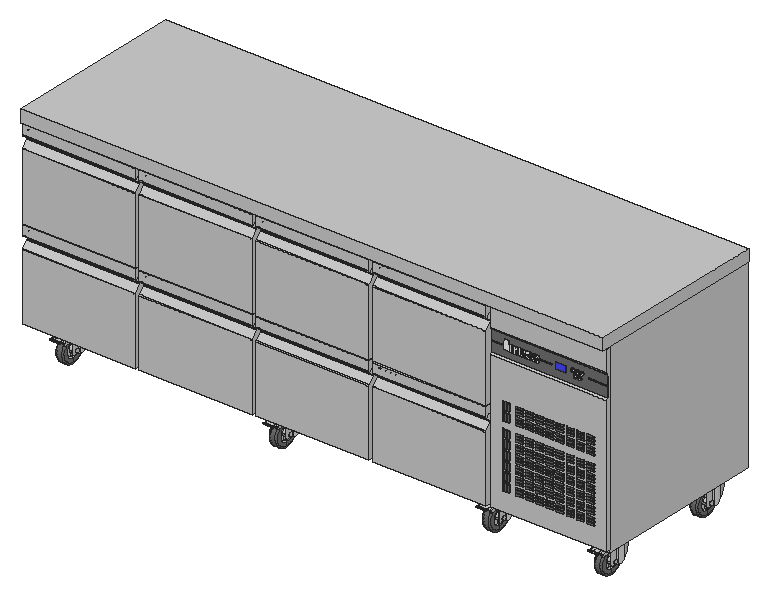
Revit family "QF_INOMAK_PNRP9999_250513010757", category Specialty Equipment, Revit 2021 (continued)
Definition of nested family "QF_INOMAK_REF_COUNTERS_DOORS_DRAWERS_16448"
  Definition of nested family "4_Drawers_1-4"
    Reference planes
      plane 23: z = 601.833
      plane 24: z = 598.167
    Forms (mm)
      Extrusion 1, solid, material <- "Finish", visible <- "4 Drawers"
        sketch origin (35, 0, -1) x (0, -1, 0) y (0, 0, 1)
          loop
            line (680, 1047) -> (670, 1047) -> (670, 827.083) -> (690, 827.083) -> (690, 990.844)
            arc (690, 990.844) -> (689.115, 996.728) -> (686.539, 1002.09) r 20
            line (686.539, 1002.09) -> (673, 1022) -> (673, 1044) -> (680, 1044)
            arc (680, 1044) -> (684.95, 1041.95) -> (687, 1037) r 7
            line (687, 1037) -> (687, 1031.988) -> (690, 1031.988) -> (690, 1037)
            arc (690, 1037) -> (687.071, 1044.071) -> (680, 1047) r 10
        from 0 to -1130
      Extrusion 2, solid, visible <- "4 Drawers", detail levels coarse
        sketch origin (0, -640.463, 826.083) x (0, 1, 0) y (-1, 0, 0)
          loop
            line (-49.537, -35) -> (-624.537, -35) -> (-624.537, -1165) -> (-49.537, -1165) -> (-49.537, -35)
        from 0 to 219.917
      Extrusion 3, solid, visible <- "4 Drawers", detail levels coarse
        sketch origin (0, -700, 154) x (-1, 0, 0) y (0, 1, 0)
          loop
            line (-35, 10) -> (-1165, 10) -> (-1165, -565) -> (-35, -565) -> (-35, 10)
        from 0 to -219.583
      Extrusion 4, solid, material <- "Finish", visible <- "4 Drawers"
        sketch origin (35, 0, -440.333) x (0, -1, 0) y (0, 0, 1)
          loop
            line (680, 813.917) -> (670, 813.917) -> (670, 594.333) -> (690, 594.333) -> (690, 757.761)
            arc (690, 757.761) -> (689.115, 763.644) -> (686.539, 769.007) r 20
            line (686.539, 769.007) -> (673, 788.917) -> (673, 810.917) -> (680, 810.917)
            arc (680, 810.917) -> (684.95, 808.866) -> (687, 803.917) r 7
            line (687, 803.917) -> (687, 798.904) -> (690, 798.904) -> (690, 803.917)
            arc (690, 803.917) -> (687.071, 810.988) -> (680, 813.917) r 10
        from 0 to -1130
      Extrusion 5, solid, material <- "Finish", visible <- "4 Drawers"
        sketch origin (35, 0, -165.333) x (0, -1, 0) y (0, 0, 1)
          loop
            line (680, 987.75) -> (670, 987.75) -> (670, 767.167) -> (690, 767.167) -> (690, 931.594)
            arc (690, 931.594) -> (689.115, 937.478) -> (686.539, 942.84) r 20
            line (686.539, 942.84) -> (673, 962.75) -> (673, 984.75) -> (680, 984.75)
            arc (680, 984.75) -> (684.95, 982.7) -> (687, 977.75) r 7
            line (687, 977.75) -> (687, 972.738) -> (690, 972.738) -> (690, 977.75)
            arc (690, 977.75) -> (687.071, 984.821) -> (680, 987.75) r 10
        from 0 to -1130
      Extrusion 6, solid, material <- "Finish", visible <- "4 Drawers"
        sketch origin (35, 0, -330.333) x (0, -1, 0) y (0, 0, 1)
          loop
            line (680, 928.5) -> (670, 928.5) -> (670, 708.25) -> (690, 708.25) -> (690, 872.344)
            arc (690, 872.344) -> (689.115, 878.228) -> (686.539, 883.59) r 20
            line (686.539, 883.59) -> (673, 903.5) -> (673, 925.5) -> (680, 925.5)
            arc (680, 925.5) -> (684.95, 923.45) -> (687, 918.5) r 7
            line (687, 918.5) -> (687, 913.488) -> (690, 913.488) -> (690, 918.5)
            arc (690, 918.5) -> (687.071, 925.571) -> (680, 928.5) r 10
        from 0 to -1130
      Extrusion 7, solid, visible <- "4 Drawers", detail levels coarse
        sketch origin (0, -500.463, 601.833) x (0, 1, 0) y (-1, 0, 0)
          loop
            line (-189.537, -35) -> (-764.537, -35) -> (-764.537, -1165) -> (-189.537, -1165) -> (-189.537, -35)
        from 0 to 220.583
      Extrusion 8, solid, visible <- "4 Drawers", detail levels coarse
        sketch origin (0, -540.463, 377.917) x (0, 1, 0) y (-1, 0, 0)
          loop
            line (-149.537, -35) -> (-724.537, -35) -> (-724.537, -1165) -> (-149.537, -1165) -> (-149.537, -35)
        from 0 to 220.25
    Lines and regions (mm)
      symbolic lines, visible <- "4 Drawers"
        curve 1: line (35, -945, 900) -> (35, -985, 900)
        curve 2: line (35, -985, 900) -> (1165, -985, 900)
        curve 3: line (1165, -985, 900) -> (1165, -945, 900)
        curve 4: line (1165, -945, 900) -> (35, -945, 900)
        curve 5: line (1135, -945, 900) -> (1135, -845, 900)
        curve 6: line (65, -945, 900) -> (65, -845, 900)
        curve 7: line (35, -1085, 900) -> (35, -1125, 900)
        curve 8: line (35, -1125, 900) -> (1165, -1125, 900)
        curve 9: line (1165, -1125, 900) -> (1165, -1085, 900)
        curve 10: line (1165, -1085, 900) -> (35, -1085, 900)
        curve 11: line (1135, -1085, 900) -> (1135, -985, 900)
        curve 12: line (65, -1085, 900) -> (65, -985, 900)
        curve 13: line (35, -1225, 900) -> (35, -1265, 900)
        curve 14: line (35, -1265, 900) -> (1165, -1265, 900)
        curve 15: line (1165, -1265, 900) -> (1165, -1225, 900)
        curve 16: line (1165, -1225, 900) -> (35, -1225, 900)
        curve 17: line (1135, -1225, 900) -> (1135, -1125, 900)
        curve 18: line (65, -1225, 900) -> (65, -1125, 900)
        curve 19: line (35, -805, 900) -> (35, -845, 900)
        curve 20: line (35, -845, 900) -> (1165, -845, 900)
        curve 21: line (1165, -845, 900) -> (1165, -805, 900)
        curve 22: line (1165, -805, 900) -> (35, -805, 900)
        curve 23: line (65, -805, 900) -> (65, -700, 900)
        curve 24: line (1135, -805, 900) -> (1135, -700, 900)
    Dimensions and locks
      "Length Actual": plane 3 "Left" to plane 4 "Right"
      "Depth Actual": plane 5 "Front" to plane 1 "Back"
      "Height Actual": plane 6 "Top" to plane 8 "Legs top"
      "Front inset": plane 7 "Front legs" to plane 5 "Front"
      "Plinth height": plane 8 "Legs top" to plane 2
      "Rear inset": plane 9 "Backsplash thickness" to plane 1 "Back"
      "Right panel thickness": plane 11 "Right panel" to plane 4 "Right"
      "Left panel thickness": plane 3 "Left" to plane 10 "Left panel"
      locked: plane 14 to plane 15 at 3.667
      equal spacing: plane 14, plane 12, plane 15
      locked: plane 23 to plane 24 at 3.667
      equal spacing: plane 23, plane 22, plane 24
      "Bottom inset": plane 20 to plane 8 "Legs top"
      equal spacing: plane 19, plane 17, plane 18
      locked: plane 19 to plane 18 at 4.333
      equal spacing: plane 21, plane 17, plane 22, plane 12, plane 16
      locked: plane 13 to plane 16 at 2.5
      "Top inset": plane 13 to plane 6 "Top"
      locked: plane 21 to plane 20 at 2.5
      aligned and locked: level to plane 2
      aligned and locked: plane 7 "Front legs" to Extrusion 1 sketch curve  (x2)
      aligned and locked: Extrusion 1 to plane 11 "Right panel"
      aligned and locked: Extrusion 1 sketch curve to plane 13
      aligned and locked: Extrusion 1 sketch curve to plane 14
      aligned and locked: plane 10 "Left panel" to curve 1
      aligned and locked: plane 10 "Left panel" to curve 7
      aligned and locked: plane 10 "Left panel" to curve 13
      aligned and locked: Extrusion 2 sketch curve to plane 10 "Left panel"
      aligned and locked: plane 11 "Right panel" to Extrusion 2 sketch curve
      aligned and locked: Extrusion 3 sketch curve to plane 10 "Left panel"
      aligned and locked: plane 11 "Right panel" to Extrusion 3 sketch curve
      aligned and locked: Extrusion 2 to plane 13
      aligned and locked: Extrusion 3 to plane 19
      aligned and locked: plane 20 to Extrusion 4 sketch curve
      aligned and locked: Extrusion 4 to plane 11 "Right panel"
      aligned and locked: Extrusion 5 sketch curve to plane 15
      aligned and locked: plane 7 "Front legs" to Extrusion 5 sketch curve
      aligned and locked: Extrusion 5 sketch curve to plane 23
      aligned and locked: Extrusion 6 sketch curve to plane 24
      aligned and locked: plane 7 "Front legs" to Extrusion 6 sketch curve
      aligned and locked: Extrusion 6 sketch curve to plane 18
      aligned and locked: Extrusion 7 to plane 15
      aligned and locked: Extrusion 8 to plane 24
      aligned and locked: Extrusion 5 to plane 11 "Right panel"
      aligned and locked: Extrusion 6 to plane 11 "Right panel"
    Automatic sketch dimensions
      Extrusion 1 sketch curve to Extrusion 1 sketch curve = 0 mm  (x2)
      plane 7 "Front legs" to Extrusion 1 sketch curve = 3 mm
      plane 7 "Front legs" to Extrusion 1 sketch curve = 3.461 mm
      plane 7 "Front legs" to Extrusion 1 sketch curve = 10 mm
      Extrusion 1 sketch curve to Extrusion 1 sketch curve = 7 mm
      plane 7 "Front legs" to Extrusion 1 sketch curve = 20 mm  (x2)
      Extrusion 1 sketch curve to Extrusion 1 sketch curve = 46.156 mm
      Extrusion 1 sketch curve to Extrusion 1 sketch curve = 15 mm
      Extrusion 1 sketch curve to Extrusion 1 sketch curve = 5.012 mm
      Extrusion 2 sketch curve to plane 7 "Front legs" = 0 mm
      Extrusion 2 sketch curve to plane 5 "Front" = 565 mm
      Extrusion 3 sketch curve to plane 7 "Front legs" = 0 mm
      Extrusion 3 sketch curve to plane 5 "Front" = 565 mm
      Extrusion 5 sketch curve to Extrusion 5 sketch curve = 0 mm  (x2)
      Extrusion 5 sketch curve to plane 7 "Front legs" = 0 mm
      plane 7 "Front legs" to Extrusion 5 sketch curve = 3 mm
      plane 7 "Front legs" to Extrusion 5 sketch curve = 3.461 mm
      plane 7 "Front legs" to Extrusion 5 sketch curve = 10 mm
      Extrusion 5 sketch curve to Extrusion 5 sketch curve = 7 mm
      plane 7 "Front legs" to Extrusion 5 sketch curve = 20 mm  (x2)
      Extrusion 5 sketch curve to Extrusion 5 sketch curve = 46.156 mm
      Extrusion 5 sketch curve to Extrusion 5 sketch curve = 15 mm
      Extrusion 5 sketch curve to Extrusion 5 sketch curve = 5.012 mm
      Extrusion 6 sketch curve to Extrusion 6 sketch curve = 0 mm  (x2)
      Extrusion 6 sketch curve to plane 7 "Front legs" = 0 mm
      plane 7 "Front legs" to Extrusion 6 sketch curve = 3 mm
      plane 7 "Front legs" to Extrusion 6 sketch curve = 3.461 mm
      plane 7 "Front legs" to Extrusion 6 sketch curve = 10 mm
      Extrusion 6 sketch curve to Extrusion 6 sketch curve = 7 mm
      plane 7 "Front legs" to Extrusion 6 sketch curve = 20 mm  (x2)
      Extrusion 6 sketch curve to Extrusion 6 sketch curve = 46.156 mm
      Extrusion 6 sketch curve to Extrusion 6 sketch curve = 15 mm
      Extrusion 6 sketch curve to Extrusion 6 sketch curve = 5.012 mm
      curve 14 to plane 11 "Right panel" = 0 mm
      curve 8 to plane 11 "Right panel" = 0 mm
      curve 2 to plane 11 "Right panel" = 0 mm
      curve 21 to plane 11 "Right panel" = 0 mm
      curve 20 to plane 10 "Left panel" = 0 mm
      curve 23 to plane 5 "Front" = 0 mm
      curve 24 to plane 5 "Front" = 0 mm
      curve 21 to plane 5 "Front" = 105 mm
      curve 20 to curve 21 = 40 mm
      curve 3 to curve 20 = 100 mm
      curve 3 to curve 3 = 40 mm
      curve 10 to curve 1 = 100 mm
      curve 9 to curve 9 = 40 mm
      curve 15 to curve 8 = 100 mm
      curve 15 to curve 15 = 40 mm
      plane 11 "Right panel" to curve 24 = 30 mm
      curve 8 to curve 17 = 30 mm
      curve 11 to curve 17 = 0 mm
      curve 23 to plane 10 "Left panel" = 30 mm
      curve 12 to curve 6 = 0 mm
      curve 18 to curve 12 = 0 mm
      Extrusion 4 sketch curve to Extrusion 4 sketch curve = 0 mm  (x2)
      plane 19 to Extrusion 4 sketch curve = 0 mm
      Extrusion 4 sketch curve to plane 7 "Front legs" = 0 mm  (x2)
      plane 7 "Front legs" to Extrusion 4 sketch curve = 3 mm
      plane 7 "Front legs" to Extrusion 4 sketch curve = 3.461 mm
      plane 7 "Front legs" to Extrusion 4 sketch curve = 10 mm
      Extrusion 4 sketch curve to Extrusion 4 sketch curve = 7 mm
      plane 7 "Front legs" to Extrusion 4 sketch curve = 20 mm  (x2)
      Extrusion 4 sketch curve to Extrusion 4 sketch curve = 46.156 mm
      Extrusion 4 sketch curve to Extrusion 4 sketch curve = 15 mm
      Extrusion 4 sketch curve to Extrusion 4 sketch curve = 5.012 mm
      Extrusion 7 sketch curve to plane 10 "Left panel" = 0 mm
      Extrusion 7 sketch curve to plane 11 "Right panel" = 0 mm
      Extrusion 7 sketch curve to plane 7 "Front legs" = 0 mm
      Extrusion 7 sketch curve to plane 5 "Front" = 565 mm
      Extrusion 8 sketch curve to plane 10 "Left panel" = 0 mm
      Extrusion 8 sketch curve to plane 11 "Right panel" = 0 mm
      Extrusion 8 sketch curve to plane 7 "Front legs" = 0 mm
      Extrusion 8 sketch curve to plane 5 "Front" = 565 mm
      curve 6 to plane 10 "Left panel" = 30 mm
      curve 5 to curve 24 = 0 mm
  Definition of nested family "Hinged_Doors"
    Parameters (values of type "Hinged doors")
      URL = "www.specifiglobal.com"
      Top inset [instance] = 4 mm
      Right panel thickness [instance] = 35 mm
      Rear inset [instance] = 10 mm
      Plinth height [instance] = 150 mm
      Model = ""
      Manufacturer = "DEMO CONSULTANT"
      Length Actual [instance] = 1200 mm
      Left panel thickness [instance] = 35 mm
      Hinged doors [instance] = Doors drawers type = 3  # yes
      Height Actual [instance] = 900 mm
      Front inset [instance] = 10 mm
      Finish [instance] = none
      Doors drawers type [instance] = 3
      Description = ""
      Depth Actual [instance] = 700 mm
      Default Elevation = 0 mm
      Bottom inset [instance] = 4 mm
      Assembly Code = "E1090320"
    Reference planes
      plane 1 "Back": y = 0
      plane 2: z = 0
      plane 3 "Left": x = 0
      plane 4 "Right": x = 1200
      plane 5 "Front": y = -700
      plane 6 "Top": z = 1050
      plane 7 "Front legs": y = -690
      plane 8 "Legs top": z = 150
      plane 9 "Backsplash thickness": y = -10
      plane 10: x = 35
      plane 11: x = 1165
      plane 12 "Center Left-Right": x = 600
      plane 13: x = 597.5
      plane 14: x = 602.5
      plane 15: z = 154
      plane 16: z = 1046
    Forms (mm)
      Extrusion 1, solid, material <- "Finish", visible <- "Hinged doors"
        sketch origin (35, -2307.849, 4000) x (0, -1, 0) y (0, 0, 1)
          loop
            line (-1627.849, -2954) -> (-1637.849, -2954) -> (-1637.849, -3846) -> (-1617.849, -3846) -> (-1617.849, -3010.156)
            arc (-1617.849, -3010.156) -> (-1618.734, -3004.272) -> (-1621.31, -2998.91) r 20
            line (-1621.31, -2998.91) -> (-1634.849, -2979) -> (-1634.849, -2957) -> (-1627.849, -2957)
            arc (-1627.849, -2957) -> (-1622.899, -2959.05) -> (-1620.849, -2964) r 7
            line (-1620.849, -2964) -> (-1620.849, -2969.012) -> (-1617.849, -2969.012) -> (-1617.849, -2964)
            arc (-1617.849, -2964) -> (-1620.778, -2956.929) -> (-1627.849, -2954) r 10
        from 0 to -562.5
      Extrusion 2, solid, visible <- "Hinged doors", detail levels coarse
        sketch origin (0, -700, 154) x (-1, 0, 0) y (0, 1, 0)
          loop
            line (-35, 10) -> (-597.5, 10)
            arc (-597.5, 10) -> (-432.748, -387.748) -> (-35, -552.5) r 562.5
            line (-35, -552.5) -> (-35, 10)
        from 0 to -892
      Extrusion 3, solid, material <- "Finish", visible <- "Hinged doors"
        sketch origin (1165, -2312.576, 4000) x (0, -1, 0) y (0, 0, 1)
          loop
            line (-1632.576, -2954) -> (-1642.576, -2954) -> (-1642.576, -3846) -> (-1622.576, -3846) -> (-1622.576, -3010.156)
            arc (-1622.576, -3010.156) -> (-1623.46, -3004.272) -> (-1626.037, -2998.91) r 20
            line (-1626.037, -2998.91) -> (-1639.576, -2979) -> (-1639.576, -2957) -> (-1632.576, -2957)
            arc (-1632.576, -2957) -> (-1627.626, -2959.05) -> (-1625.576, -2964) r 7
            line (-1625.576, -2964) -> (-1625.576, -2969.012) -> (-1622.576, -2969.012) -> (-1622.576, -2964)
            arc (-1622.576, -2964) -> (-1625.504, -2956.929) -> (-1632.576, -2954) r 10
        from 0 to 562.5
      Extrusion 4, solid, visible <- "Hinged doors", detail levels coarse
        sketch origin (0, -700, 154) x (-1, 0, 0) y (0, 1, 0)
          loop
            line (-1165, 10) -> (-1165, -552.5)
            arc (-1165, -552.5) -> (-767.252, -387.748) -> (-602.5, 10) r 562.5
            line (-602.5, 10) -> (-1165, 10)
        from 0 to -892
    Lines and regions (mm)
      symbolic lines, visible <- "Hinged doors"
        curve 1: line (35, -700, 150) -> (35, -1252.5, 150)
        curve 2: arc (35, -1252.5, 150) -> (429.196, -1091.268, 150) -> (597.411, -700, 150) r 562.5
        curve 3: arc (602.589, -700, 150) -> (770.804, -1091.268, 150) -> (1165, -1252.5, 150) r 562.5
        curve 4: line (1165, -1252.5, 150) -> (1165, -700, 150)
    Dimensions and locks
      "Length Actual": plane 3 "Left" to plane 4 "Right"
      "Depth Actual": plane 5 "Front" to plane 1 "Back"
      "Height Actual": plane 6 "Top" to plane 8 "Legs top"
      "Front inset": plane 7 "Front legs" to plane 5 "Front"
      "Plinth height": plane 8 "Legs top" to plane 2
      "Rear inset": plane 9 "Backsplash thickness" to plane 1 "Back"
      "Right panel thickness": plane 11 to plane 4 "Right"
      "Left panel thickness": plane 3 "Left" to plane 10
      equal spacing: plane 10, plane 12 "Center Left-Right", plane 11
      plane 13 to plane 12 "Center Left-Right" = 2.5 mm
      plane 12 "Center Left-Right" to plane 14 = 2.5 mm
      "Bottom inset": plane 15 to plane 8 "Legs top"
      "Top inset": plane 16 to plane 6 "Top"
      aligned and locked: level to plane 2
      aligned and locked: Extrusion 1 to plane 13
      aligned and locked: plane 10 to Extrusion 2 sketch curve
      aligned and locked: plane 13 to Extrusion 2 sketch curve
      aligned and locked: plane 7 "Front legs" to Extrusion 2 sketch curve  (x2)
      aligned and locked: plane 14 to Extrusion 3
      aligned and locked: Extrusion 2 to curve 1
      aligned and locked: curve 2 to Extrusion 2
      aligned and locked: curve 3 to Extrusion 4
      aligned and locked: curve 4 to Extrusion 4
      aligned and locked: plane 5 "Front" to curve 1
      aligned and locked: plane 5 "Front" to curve 2
      aligned and locked: plane 5 "Front" to curve 3
      aligned and locked: plane 5 "Front" to curve 4
      aligned and locked: Extrusion 4 to plane 16
      aligned and locked: Extrusion 2 to plane 16
      aligned and locked: Extrusion 1 sketch curve to plane 16
      aligned and locked: Extrusion 1 sketch curve to plane 15
      aligned and locked: Extrusion 3 sketch curve to plane 15
      aligned and locked: Extrusion 3 sketch curve to plane 16
    Automatic sketch dimensions
      Extrusion 1 sketch curve to Extrusion 1 sketch curve = 0 mm  (x2)
      Extrusion 1 sketch curve to plane 7 "Front legs" = 0 mm  (x2)
      plane 7 "Front legs" to Extrusion 1 sketch curve = 3 mm
      plane 7 "Front legs" to Extrusion 1 sketch curve = 3.461 mm
      plane 7 "Front legs" to Extrusion 1 sketch curve = 10 mm
      Extrusion 1 sketch curve to Extrusion 1 sketch curve = 7 mm
      plane 7 "Front legs" to Extrusion 1 sketch curve = 20 mm  (x2)
      Extrusion 1 sketch curve to Extrusion 1 sketch curve = 46.156 mm
      Extrusion 1 sketch curve to Extrusion 1 sketch curve = 15 mm
      Extrusion 1 sketch curve to Extrusion 1 sketch curve = 5.012 mm
      Extrusion 3 sketch curve to Extrusion 3 sketch curve = 0 mm  (x2)
      Extrusion 3 sketch curve to plane 7 "Front legs" = 0 mm  (x2)
      Extrusion 3 sketch curve to Extrusion 3 sketch curve = 3 mm
      plane 7 "Front legs" to Extrusion 3 sketch curve = 3.461 mm
      plane 7 "Front legs" to Extrusion 3 sketch curve = 10 mm
      Extrusion 3 sketch curve to Extrusion 3 sketch curve = 7 mm
      Extrusion 3 sketch curve to Extrusion 3 sketch curve = 16.539 mm
      Extrusion 3 sketch curve to Extrusion 3 sketch curve = 20 mm
      Extrusion 3 sketch curve to Extrusion 3 sketch curve = 46.156 mm
      Extrusion 3 sketch curve to Extrusion 3 sketch curve = 15 mm
      Extrusion 3 sketch curve to Extrusion 3 sketch curve = 5.012 mm
      Extrusion 4 sketch curve to plane 11 = 0 mm
      Extrusion 4 sketch curve to plane 7 "Front legs" = 0 mm
      Extrusion 4 sketch curve to plane 14 = 0 mm
  Definition of nested family "Hopper"
    Parameters (values of type "Hopper")
      URL = "www.specifiglobal.com"
      Top inset [instance] = 4 mm
      Right panel thickness [instance] = 35 mm
      Rear inset [instance] = 10 mm
      Plinth height [instance] = 150 mm
      Model = ""
      Manufacturer = "DEMO CONSULTANT"
      Length Actual [instance] = 700 mm
      Left panel thickness [instance] = 35 mm
      Hopper [instance] = Doors drawers type = 10  # yes
      Height Actual [instance] = 900 mm
      Front inset [instance] = 10 mm
      Finish [instance] = none
      Doors drawers type [instance] = 10
      Description = ""
      Depth Actual [instance] = 700 mm
      Default Elevation = 0 mm
      Bottom inset [instance] = 4 mm
      Assembly Code = "E1090320"
      2 Drawers = yes
    Reference planes
      plane 1 "Back": y = 0
      plane 2: z = 0
      plane 3 "Left": x = 0
      plane 4 "Right": x = 700
      plane 5 "Front": y = -700
      plane 6 "Top": z = 1050
      plane 7 "Front legs": y = -690
      plane 8 "Legs top": z = 150
      plane 9 "Backsplash thickness": y = -10
      plane 10 "Left panel": x = 35
      plane 11 "Right panel": x = 665
      plane 12: z = 1046
      plane 13: z = 154
    Forms (mm)
      Extrusion 1, solid, material <- "Finish", visible <- "Hopper"
        sketch origin (35, 0, 0) x (0, -1, 0) y (0, 0, 1)
          loop
            line (690, 154) -> (690, 960.365)
            arc (690, 960.365) -> (689.866, 961.037) -> (689.485, 961.607) r 1.757
            line (689.485, 961.607) -> (666.663, 984.429)
            arc (666.663, 984.429) -> (665.976, 985.458) -> (665.734, 986.672) r 3.172
            line (665.734, 986.672) -> (665.734, 1013.576)
            arc (665.734, 1013.576) -> (666.433, 1015.262) -> (668.119, 1015.961) r 2.385
            line (668.119, 1015.961) -> (680.029, 1015.961) -> (686.544, 1006.657)
            arc (686.544, 1006.657) -> (688.671, 1005.935) -> (690, 1007.747) r 1.9
            line (690, 1007.747) -> (690, 1046) -> (648, 1046) -> (648, 154) -> (690, 154)
        from 0 to -630
      Extrusion 2, solid, visible <- "Hopper", detail levels coarse
        sketch origin (35, 0, 0) x (0, -1, 0) y (0, 0, 1)
          loop
            line (690, 154) -> (1265, 154) -> (1265, 1046) -> (690, 1046) -> (690, 154)
        from 0 to -630
    Lines and regions (mm)
      symbolic lines, visible <- "Hopper"
        curve 1: line (35, -1225, 900) -> (35, -1265, 900)
        curve 2: line (35, -1265, 900) -> (665, -1265, 900)
        curve 3: line (665, -1265, 900) -> (665, -1225, 900)
        curve 4: line (665, -1225, 900) -> (35, -1225, 900)
        curve 5: line (635, -1225, 900) -> (635, -700, 900)
        curve 6: line (65, -1225, 900) -> (65, -700, 900)
    Dimensions and locks
      "Length Actual": plane 3 "Left" to plane 4 "Right"
      "Depth Actual": plane 5 "Front" to plane 1 "Back"
      "Height Actual": plane 6 "Top" to plane 8 "Legs top"
      "Front inset": plane 7 "Front legs" to plane 5 "Front"
      "Plinth height": plane 8 "Legs top" to plane 2
      "Rear inset": plane 9 "Backsplash thickness" to plane 1 "Back"
      "Right panel thickness": plane 11 "Right panel" to plane 4 "Right"
      "Left panel thickness": plane 3 "Left" to plane 10 "Left panel"
      "Top inset": plane 12 to plane 6 "Top"
      "Bottom inset": plane 13 to plane 8 "Legs top"
      aligned and locked: level to plane 2
      aligned and locked: Extrusion 1 to plane 11 "Right panel"
      aligned and locked: Extrusion 2 to plane 11 "Right panel"
      aligned and locked: plane 10 "Left panel" to Extrusion 2
      aligned and locked: Extrusion 1 sketch curve to plane 12
      aligned and locked: Extrusion 1 sketch curve to Extrusion 2
      aligned and locked: Extrusion 1 sketch curve to plane 13
    Automatic sketch dimensions
      Extrusion 1 sketch curve to Extrusion 1 sketch curve = 17.734 mm
      Extrusion 1 sketch curve to Extrusion 1 sketch curve = 0.929 mm
      Extrusion 1 sketch curve to Extrusion 1 sketch curve = 2.385 mm
      Extrusion 1 sketch curve to Extrusion 1 sketch curve = 3.172 mm
      Extrusion 1 sketch curve to Extrusion 1 sketch curve = 11.91 mm
      Extrusion 1 sketch curve to Extrusion 1 sketch curve = 6.515 mm
      Extrusion 1 sketch curve to Extrusion 1 sketch curve = 1.556 mm
      Extrusion 1 sketch curve to Extrusion 1 sketch curve = 21.58 mm
      Extrusion 1 sketch curve to Extrusion 1 sketch curve = 1.242 mm
      Extrusion 1 sketch curve to Extrusion 1 sketch curve = 1.9 mm
      Extrusion 1 sketch curve to Extrusion 1 sketch curve = 0.515 mm
      Extrusion 1 sketch curve to Extrusion 1 sketch curve = 22.822 mm
      Extrusion 1 sketch curve to Extrusion 1 sketch curve = 19.985 mm
      Extrusion 1 sketch curve to Extrusion 1 sketch curve = 6.919 mm
      Extrusion 1 sketch curve to Extrusion 1 sketch curve = 30.039 mm
      Extrusion 2 sketch curve to plane 7 "Front legs" = 0 mm
      plane 13 to Extrusion 2 sketch curve = 0 mm
      plane 12 to Extrusion 2 sketch curve = 0 mm
      Extrusion 2 sketch curve to plane 5 "Front" = 565 mm
      curve 1 to plane 10 "Left panel" = 0 mm
      curve 2 to plane 11 "Right panel" = 0 mm
      curve 6 to plane 5 "Front" = 0 mm
      curve 5 to plane 5 "Front" = 0 mm
      curve 4 to plane 5 "Front" = 525 mm
      curve 3 to curve 3 = 40 mm
      plane 11 "Right panel" to curve 5 = 30 mm
      curve 6 to plane 10 "Left panel" = 30 mm
Definition of nested family "QF_INOMAK_REF_COUNTERS_DOORS_DRAWERS_25919"
  Parameters (values of type "DR-LX-710")
    Weight [instance] = 0.00 kg
    Warranty Start Date [instance] = ""
    Warranty Duration [instance] = ""
    URL Cutsheet [instance] = ""
    URL = "www.inomak.com"
    Top inset [instance] = 10 mm
    Technical Documentation [instance] = ""
    Tag Number [instance] = ""
    Status [instance] = ""
    Specification by User [instance] = ""
    Specification by Manufacturer [instance] = ""
    Sound Level [instance] = ""
    Solid Fuel Type [instance] = ""
    Show Logo [instance] = yes
    Show Clearances [instance] = yes
    Service Life Duration [instance] = ""
    Serial Number [instance] = ""
    Seismic Rating [instance] = ""
    SMACNA No [instance] = ""
    Right panel thickness [instance] = 0 mm
    Revision Code [instance] = ""
    Revision [instance] = ""
    Rear inset [instance] = 0 mm
    Production Year [instance] = ""
    Point Load [instance] = 0
    Plinth height [instance] = 0 mm
    Other Equipment Approvals [instance] = ""
    NAFEM Spec ID Number [instance] = ""
    Model Warning [instance] = ""
    Model = "DR-LX-710"
    Masterspec [instance] = ""
    Manufacturer = "INOMAK"
    Length Actual [instance] = 435 mm
    Left panel thickness [instance] = 0 mm
    Item Number [instance] = ""
    Installed By [instance] = ""
    Installation Date [instance] = ""
    Identify Quantity as Lot [instance] = yes
    ID [instance] = ""
    Hygiene Approval [instance] = ""
    Height Actual [instance] = 710 mm
    Furnished By [instance] = ""
    Front inset [instance] = 10 mm
    Foodservice Equipment Identifier [instance] = yes
    Finish [instance] = none
    ETL Approved [instance] = yes
    Doors drawers type [instance] = 8
    Description = "LEFT HINGED DOOR"
    Depth Actual [instance] = 700 mm
    Default Elevation = 0 mm
    CSI MasterFormat [instance] = ""
    CE Approved [instance] = yes
    Bottom inset [instance] = 10 mm
    Barcode [instance] = ""
    Author [instance] = ""
    Asset Identifier [instance] = ""
    Assembly Code = "E1090320"
    Accessory [instance] = yes
  Types (9, lengths in mm): name | Model | Height Actual | Doors drawers type | Description
    DW-2-710 | "DW-2-710" | 710 | 4 | "2 X GN 1/2 DRAWERS"
    DR-LX-710 | "DR-LX-710" | 710 | 8 | "LEFT HINGED DOOR"
    DR-RX-710 | "DR-RX-710" | 710 | 9 | "RIGHT HINGED DOOR"
    DW-3-710 | "DW-3-710" | 710 | 6 | "3 X GN 1/3 DRAWERS"
    DW-B-710 | "DW-B-710" | 710 | 5 | "1 X GN 1/3 & 1 X GN 2/3 DRAWERS"
    DW-2-483 | "DW-2-483" | 483 | 4 | "2 X GN 1/3 DRAWERS"
    DR-LX-483 | "DR-LX-483" | 483 | 8 | "LEFT HINGED DOOR"
    DR-RX-483 | "DR-RX-483" | 483 | 9 | "RIGHT HINGED DOOR"
    DW-1-483 | "DW-1-483" | 483 | 10 | "1 X GN 2/3 DRAWER"
  Reference planes
    plane 1 "Front": y = 0
    plane 2: z = 0
    plane 3 "Left": x = 0
    plane 4 "Right": x = 435
    plane 5 "Back": y = 700
    plane 6 "Top": z = 710
    plane 7 "Bottom shelf": z = 0
    plane 8: z = 700
    plane 9: z = 10
    plane 10: x = 0
    plane 11: x = 435
    plane 12 "Center Top Bottom": z = 355
  Lines and regions (mm)
    reference lines
      curve 1: line (0, 0, 355) -> (0, 25, 355)
      curve 2: line (435, 0, 355) -> (435, 25, 355)
      curve 3: line (0, 700, 355) -> (435, 700, 355)
      curve 4: line (0, 0, 355) -> (435, 0, 355)
  Dimensions and locks
    "Length Actual": plane 3 "Left" to plane 4 "Right"
    "Depth Actual": plane 1 "Front" to plane 5 "Back"
    "Height Actual": plane 6 "Top" to plane 7 "Bottom shelf"
    "Plinth height": plane 7 "Bottom shelf" to plane 2
    "Top inset": plane 6 "Top" to plane 8
    "Bottom inset": plane 9 to plane 7 "Bottom shelf"
    "Left panel thickness": plane 3 "Left" to plane 10
    "Right panel thickness": plane 11 to plane 4 "Right"
    equal spacing: plane 6 "Top", plane 12 "Center Top Bottom", plane 7 "Bottom shelf"
    "Length Actual": curve 1 to plane 4 "Right"
    "Length Actual": plane 3 "Left" to curve 2
    "Depth Actual": plane 1 "Front" to curve 3
    "Depth Actual": plane 5 "Back" to curve 4
    aligned and locked: level to plane 2
    aligned and locked: plane 3 "Left" to nested 1
    aligned and locked: plane 3 "Left" to nested 2
    aligned and locked: plane 3 "Left" to nested 3
    aligned and locked: plane 3 "Left" to nested 4
    aligned and locked: plane 3 "Left" to nested 5
    aligned and locked: plane 3 "Left" to nested 6
    aligned and locked: plane 3 "Left" to nested 7
    aligned and locked: plane 3 "Left" to nested 8
    aligned and locked: plane 3 "Left" to nested 9
    aligned and locked: nested 4 to plane 1 "Front"
    aligned and locked: nested 6 to plane 1 "Front"
    aligned and locked: nested 8 to plane 1 "Front"
    aligned and locked: nested 5 to plane 1 "Front"
    aligned and locked: nested 3 to plane 1 "Front"
    aligned and locked: nested 7 to plane 1 "Front"
    aligned and locked: nested 2 to plane 1 "Front"
    aligned and locked: nested 1 to plane 1 "Front"
    aligned and locked: nested 9 to plane 1 "Front"
  Automatic sketch dimensions
    curve 3 to plane 4 "Right" = 0 mm
    curve 3 to plane 3 "Left" = 0 mm
    curve 2 to curve 2 = 25 mm
    curve 1 to curve 1 = 25 mm
  Nested families
    nested 1: "Right_Door" at (0, 700, 0), Depth Actual <- "Depth Actual", Height Actual <- "Height Actual", Length Actual <- "Length Actual", Front inset <- "Front inset", Rear inset <- "Rear inset", Left panel thickness <- "Left panel thickness", Right panel thickness <- "Right panel thickness", Doors drawers type <- "Doors drawers type", Plinth height <- "Plinth height", Top inset <- "Top inset", Bottom inset <- "Bottom inset", type "Right door"
      with Top inset 10 mm, Right panel thickness 0 mm, Right hand hinged door no, Rear inset 0 mm, Plinth height 0 mm, Length Actual 435 mm, Left panel thickness 0 mm, Height Actual 710 mm, Front inset 10 mm, Doors drawers type 8, Depth Actual 700 mm, Bottom inset 10 mm
    nested 2: "Left_Door" at (0, 700, 0), Depth Actual <- "Depth Actual", Height Actual <- "Height Actual", Length Actual <- "Length Actual", Front inset <- "Front inset", Rear inset <- "Rear inset", Left panel thickness <- "Left panel thickness", Right panel thickness <- "Right panel thickness", Doors drawers type <- "Doors drawers type", Plinth height <- "Plinth height", Top inset <- "Top inset", Bottom inset <- "Bottom inset", type "Left door"
      with Top inset 10 mm, Right panel thickness 0 mm, Rear inset 0 mm, Plinth height 0 mm, Length Actual 435 mm, Left panel thickness 0 mm, Left hand hinged door yes, Height Actual 710 mm, Front inset 10 mm, Doors drawers type 8, Depth Actual 700 mm, Bottom inset 10 mm
    nested 3: "3_Drawers_1-3" at (0, 700, 0), Depth Actual <- "Depth Actual", Height Actual <- "Height Actual", Length Actual <- "Length Actual", Front inset <- "Front inset", Rear inset <- "Rear inset", Left panel thickness <- "Left panel thickness", Right panel thickness <- "Right panel thickness", Doors drawers type <- "Doors drawers type", Plinth height <- "Plinth height", Top inset <- "Top inset", Bottom inset <- "Bottom inset", type "3 Drawers 1-3"
      with Top inset 10 mm, Right panel thickness 0 mm, Rear inset 0 mm, Plinth height 0 mm, Length Actual 435 mm, Left panel thickness 0 mm, Height Actual 710 mm, Front inset 10 mm, Doors drawers type 8, Depth Actual 700 mm, Bottom inset 10 mm, 3 Drawers no
    nested 4: "2_Drawers_1-2" at (0, 700, 0), Depth Actual <- "Depth Actual", Height Actual <- "Height Actual", Length Actual <- "Length Actual", Front inset <- "Front inset", Rear inset <- "Rear inset", Left panel thickness <- "Left panel thickness", Right panel thickness <- "Right panel thickness", Doors drawers type <- "Doors drawers type", Plinth height <- "Plinth height", Top inset <- "Top inset", Bottom inset <- "Bottom inset", type "2 Drawers 1-2"
      with Top inset 10 mm, Right panel thickness 0 mm, Rear inset 0 mm, Plinth height 0 mm, Length Actual 435 mm, Left panel thickness 0 mm, Height Actual 710 mm, Front inset 10 mm, Doors drawers type 8, Depth Actual 700 mm, Bottom inset 10 mm, 2 Drawers no
    nested 5: "2_Drawers_1-3_2-3" at (0, 700, 0), Depth Actual <- "Depth Actual", Height Actual <- "Height Actual", Length Actual <- "Length Actual", Front inset <- "Front inset", Rear inset <- "Rear inset", Left panel thickness <- "Left panel thickness", Right panel thickness <- "Right panel thickness", Doors drawers type <- "Doors drawers type", Plinth height <- "Plinth height", Top inset <- "Top inset", Bottom inset <- "Bottom inset", type "2 Drawers 1-3 and 2-3"
      with Top inset 10 mm, Right panel thickness 0 mm, Rear inset 0 mm, Plinth height 0 mm, Length Actual 435 mm, Left panel thickness 0 mm, Height Actual 710 mm, Front inset 10 mm, Doors drawers type 8, Depth Actual 700 mm, Bottom inset 10 mm, 2 Drawers 1-3 and 2-3 no
    nested 6: "Sliding_Doors" at (0, 700, 0), Depth Actual <- "Depth Actual", Height Actual <- "Height Actual", Length Actual <- "Length Actual", Front inset <- "Front inset", Rear inset <- "Rear inset", Left panel thickness <- "Left panel thickness", Right panel thickness <- "Right panel thickness", Doors drawers type <- "Doors drawers type", Plinth height <- "Plinth height", Top inset <- "Top inset", Bottom inset <- "Bottom inset", Finish <- "Finish", type "Sliding doors"
      with Top inset 10 mm, Sliding doors no, Right panel thickness 0 mm, Rear inset 0 mm, Plinth height 0 mm, Length Actual 435 mm, Left panel thickness 0 mm, Height Actual 710 mm, Front inset 10 mm, Finish none, Doors drawers type 8, Depth Actual 700 mm, Bottom inset 10 mm
    nested 7: "4_Drawers_1-4" at (0, 700, 0), Depth Actual <- "Depth Actual", Height Actual <- "Height Actual", Length Actual <- "Length Actual", Front inset <- "Front inset", Rear inset <- "Rear inset", Left panel thickness <- "Left panel thickness", Right panel thickness <- "Right panel thickness", Doors drawers type <- "Doors drawers type", Plinth height <- "Plinth height", Top inset <- "Top inset", Bottom inset <- "Bottom inset", Finish <- "Finish", type "4 Drawers 1-4"
      with Top inset 10 mm, Right panel thickness 0 mm, Rear inset 0 mm, Plinth height 0 mm, Length Actual 435 mm, Left panel thickness 0 mm, Height Actual 710 mm, Front inset 10 mm, Finish none, Doors drawers type 8, Depth Actual 700 mm, Bottom inset 10 mm, 4 Drawers no
    nested 8: "Hinged_Doors" at (0, 700, 0), Length Actual <- "Length Actual", Depth Actual <- "Depth Actual", Height Actual <- "Height Actual", Front inset <- "Front inset", Rear inset <- "Rear inset", Left panel thickness <- "Left panel thickness", Right panel thickness <- "Right panel thickness", Doors drawers type <- "Doors drawers type", Plinth height <- "Plinth height", Top inset <- "Top inset", Bottom inset <- "Bottom inset", Finish <- "Finish", type "Hinged doors"
      with Top inset 10 mm, Right panel thickness 0 mm, Rear inset 0 mm, Plinth height 0 mm, Length Actual 435 mm, Left panel thickness 0 mm, Hinged doors no, Height Actual 710 mm, Front inset 10 mm, Finish none, Doors drawers type 8, Depth Actual 700 mm, Bottom inset 10 mm
    nested 9: "Hopper" at (0, 700, 1.284), Length Actual <- "Length Actual", Depth Actual <- "Depth Actual", Height Actual <- "Height Actual", Front inset <- "Front inset", Rear inset <- "Rear inset", Left panel thickness <- "Left panel thickness", Right panel thickness <- "Right panel thickness", Doors drawers type <- "Doors drawers type", Plinth height <- "Plinth height", Top inset <- "Top inset", Bottom inset <- "Bottom inset", Finish <- "Finish", type "Hopper"
      with Top inset 10 mm, Right panel thickness 0 mm, Rear inset 0 mm, Plinth height 0 mm, Length Actual 435 mm, Left panel thickness 0 mm, Hopper no, Height Actual 710 mm, Front inset 10 mm, Finish none, Doors drawers type 8, Depth Actual 700 mm, Bottom inset 10 mm
  Definition of nested family "Left_Door"
    Parameters (values of type "Left door")
      URL = "www.specifiglobal.com"
      Top inset [instance] = 10 mm
      Right panel thickness [instance] = 0 mm
      Rear inset [instance] = 0 mm
      Plinth height [instance] = 150 mm
      Model = ""
      Manufacturer = "DEMO CONSULTANT"
      Length Actual [instance] = 700 mm
      Left panel thickness [instance] = 0 mm
      Left hand hinged door [instance] = Doors drawers type = 8  # yes
      Height Actual [instance] = 710 mm
      Front inset [instance] = 10 mm
      Finish = none
      Doors drawers type [instance] = 8
      Description = ""
      Depth Actual [instance] = 700 mm
      Default Elevation = 0 mm
      Bottom inset [instance] = 0 mm
      Assembly Code = "E1090320"
    Reference planes
      plane 1 "Back": y = 0
      plane 2: z = 0
      plane 3 "Left": x = 0
      plane 4 "Right": x = 700
      plane 5 "Front": y = -700
      plane 6 "Top": z = 860
      plane 7 "Front legs": y = -690
      plane 8 "Legs top": z = 150
      plane 9 "Backsplash thickness": y = 0
      plane 10 "Left panel": x = 0
      plane 11 "Right panel": x = 700
      plane 12: z = 850
      plane 13: z = 150
    Forms (mm)
      Extrusion 1, solid, material <- "Finish", visible <- "Left hand hinged door"
        sketch origin (0, 0, 0) x (0, -1, 0) y (0, 0, 1)
          loop
            line (690, 150) -> (690, 764.365)
            arc (690, 764.365) -> (689.866, 765.037) -> (689.485, 765.607) r 1.757
            line (689.485, 765.607) -> (666.663, 788.429)
            arc (666.663, 788.429) -> (665.976, 789.458) -> (665.734, 790.672) r 3.172
            line (665.734, 790.672) -> (665.734, 817.576)
            arc (665.734, 817.576) -> (666.433, 819.262) -> (668.119, 819.961) r 2.385
            line (668.119, 819.961) -> (680.029, 819.961) -> (686.544, 810.657)
            arc (686.544, 810.657) -> (688.671, 809.935) -> (690, 811.747) r 1.9
            line (690, 811.747) -> (690, 850) -> (648, 850) -> (648, 150) -> (690, 150)
        from 0 to -700
      Extrusion 2, solid, visible <- "Left hand hinged door", detail levels coarse
        sketch origin (0, -700, 150) x (-1, 0, 0) y (0, 1, 0)
          loop
            arc (-700, 10) -> (-495.871, -481.066) -> (0, -673.23) r 677.11
            line (0, -673.23) -> (0, 10) -> (-700, 10)
        from 0 to -700
    Lines and regions (mm)
      symbolic lines, visible <- "Left hand hinged door"
        curve 1: line (0, -700, 150) -> (0, -1373.247, 150)
        curve 2: arc (0, -1373.247, 150) -> (492.316, -1184.595, 150) -> (700, -700, 150) r 676.963
    Dimensions and locks
      "Length Actual": plane 3 "Left" to plane 4 "Right"
      "Depth Actual": plane 5 "Front" to plane 1 "Back"
      "Height Actual": plane 6 "Top" to plane 8 "Legs top"
      "Front inset": plane 7 "Front legs" to plane 5 "Front"
      "Plinth height": plane 8 "Legs top" to plane 2
      "Rear inset": plane 9 "Backsplash thickness" to plane 1 "Back"
      "Right panel thickness": plane 11 "Right panel" to plane 4 "Right"
      "Left panel thickness": plane 3 "Left" to plane 10 "Left panel"
      "Top inset": plane 6 "Top" to plane 12
      "Bottom inset": plane 13 to plane 8 "Legs top"
      aligned and locked: level to plane 2
      aligned and locked: Extrusion 1 to plane 11 "Right panel"
      aligned and locked: plane 10 "Left panel" to Extrusion 2 sketch curve
      aligned and locked: plane 11 "Right panel" to Extrusion 2 sketch curve
      aligned and locked: Extrusion 2 sketch curve to plane 10 "Left panel"
      aligned and locked: plane 7 "Front legs" to Extrusion 2 sketch curve
      aligned and locked: plane 7 "Front legs" to Extrusion 2
      aligned and locked: plane 10 "Left panel" to Extrusion 2
      aligned and locked: Extrusion 2 to plane 12
      aligned and locked: Extrusion 1 sketch curve to plane 13
      aligned and locked: Extrusion 1 sketch curve to plane 7 "Front legs"
      aligned and locked: Extrusion 1 sketch curve to plane 12
    Automatic sketch dimensions
      Extrusion 1 sketch curve to Extrusion 1 sketch curve = 1.556 mm
      Extrusion 1 sketch curve to Extrusion 1 sketch curve = 11.91 mm
      Extrusion 1 sketch curve to Extrusion 1 sketch curve = 2.243 mm
      Extrusion 1 sketch curve to Extrusion 1 sketch curve = 2.385 mm
      Extrusion 1 sketch curve to Extrusion 1 sketch curve = 20.119 mm
      Extrusion 1 sketch curve to Extrusion 1 sketch curve = 22.822 mm
      Extrusion 1 sketch curve to Extrusion 1 sketch curve = 19.985 mm
      Extrusion 1 sketch curve to Extrusion 1 sketch curve = 6.919 mm
      Extrusion 1 sketch curve to Extrusion 1 sketch curve = 30.039 mm
      plane 7 "Front legs" to Extrusion 1 sketch curve = 42 mm
      Extrusion 1 sketch curve to Extrusion 1 sketch curve = 0.929 mm
      Extrusion 1 sketch curve to Extrusion 1 sketch curve = 6.515 mm
      Extrusion 1 sketch curve to Extrusion 1 sketch curve = 1.242 mm
      Extrusion 1 sketch curve to Extrusion 1 sketch curve = 1.9 mm
      Extrusion 1 sketch curve to Extrusion 1 sketch curve = 0.515 mm
      plane 5 "Front" to Extrusion 2 sketch curve = 3.492 mm
      plane 3 "Left" to Extrusion 2 sketch curve = 22.921 mm
      curve 1 to plane 3 "Left" = 0 mm
      curve 2 to plane 4 "Right" = 0 mm
      curve 2 to plane 5 "Front" = 0 mm
      curve 1 to plane 5 "Front" = 0 mm
      plane 5 "Front" to curve 2 = 3.324 mm
      plane 3 "Left" to curve 2 = 23.045 mm
  Definition of nested family "Right_Door"
    Parameters (values of type "Right door")
      URL = "www.specifiglobal.com"
      Top inset [instance] = 4 mm
      Right panel thickness [instance] = 35 mm
      Right hand hinged door [instance] = Doors drawers type = 9  # yes
      Rear inset [instance] = 10 mm
      Plinth height [instance] = 150 mm
      Model = ""
      Manufacturer = "DEMO CONSULTANT"
      Length Actual [instance] = 1700 mm
      Left panel thickness [instance] = 35 mm
      Height Actual [instance] = 900 mm
      Front inset [instance] = 10 mm
      Finish = none
      Doors drawers type [instance] = 9
      Description = ""
      Depth Actual [instance] = 700 mm
      Default Elevation = 0 mm
      Bottom inset [instance] = 4 mm
      Assembly Code = "E1090320"
    Reference planes
      plane 1 "Back": y = 0
      plane 2: z = 0
      plane 3 "Left": x = 0
      plane 4 "Right": x = 1700
      plane 5 "Front": y = -700
      plane 6 "Top": z = 1050
      plane 7 "Front legs": y = -690
      plane 8 "Legs top": z = 150
      plane 9 "Backsplash thickness": y = -10
      plane 10 "Left panel": x = 35
      plane 11 "Right panel": x = 1665
      plane 12: z = 1046
      plane 13: z = 154
    Forms (mm)
      Extrusion 1, solid, material <- "Finish", visible <- "Right hand hinged door"
        sketch origin (35, 0, 0) x (0, -1, 0) y (0, 0, 1)
          loop
            line (690, 154) -> (690, 960.365)
            arc (690, 960.365) -> (689.866, 961.037) -> (689.485, 961.607) r 1.757
            line (689.485, 961.607) -> (666.663, 984.429)
            arc (666.663, 984.429) -> (665.976, 985.458) -> (665.734, 986.672) r 3.172
            line (665.734, 986.672) -> (665.734, 1013.576)
            arc (665.734, 1013.576) -> (666.433, 1015.262) -> (668.119, 1015.961) r 2.385
            line (668.119, 1015.961) -> (680.029, 1015.961) -> (686.544, 1006.657)
            arc (686.544, 1006.657) -> (688.671, 1005.935) -> (690, 1007.747) r 1.9
            line (690, 1007.747) -> (690, 1046) -> (648, 1046) -> (648, 154) -> (690, 154)
        from 0 to -1630
      Extrusion 2, solid, visible <- "Right hand hinged door", detail levels coarse
        sketch origin (0, -700, 154) x (-1, 0, 0) y (0, 1, 0)
          loop
            line (-1665, 10) -> (-1665, -1637.12)
            arc (-1665, -1637.12) -> (-517.894, -1142.214) -> (-35, 10) r 1670.236
            line (-35, 10) -> (-1665, 10)
        from 0 to -892
    Lines and regions (mm)
      symbolic lines, visible <- "Right hand hinged door"
        curve 1: line (1665, -2337.12, 150) -> (1665, -700, 150)
        curve 2: arc (1665, -2337.12, 150) -> (521.415, -1845.762, 150) -> (35.165, -699.995, 150) r 1670.236
    Dimensions and locks
      "Length Actual": plane 3 "Left" to plane 4 "Right"
      "Depth Actual": plane 5 "Front" to plane 1 "Back"
      "Height Actual": plane 6 "Top" to plane 8 "Legs top"
      "Front inset": plane 7 "Front legs" to plane 5 "Front"
      "Plinth height": plane 8 "Legs top" to plane 2
      "Rear inset": plane 9 "Backsplash thickness" to plane 1 "Back"
      "Right panel thickness": plane 11 "Right panel" to plane 4 "Right"
      "Left panel thickness": plane 3 "Left" to plane 10 "Left panel"
      "Top inset": plane 6 "Top" to plane 12
      "Bottom inset": plane 13 to plane 8 "Legs top"
      aligned and locked: level to plane 2
      aligned and locked: Extrusion 1 to plane 11 "Right panel"
      aligned and locked: plane 10 "Left panel" to Extrusion 2 sketch curve
      aligned and locked: plane 11 "Right panel" to Extrusion 2 sketch curve
      aligned and locked: plane 7 "Front legs" to Extrusion 2
      aligned and locked: plane 7 "Front legs" to Extrusion 2 sketch curve
      aligned and locked: Extrusion 2 sketch curve to plane 11 "Right panel"
      aligned and locked: curve 1 to Extrusion 2
      aligned and locked: plane 5 "Front" to curve 1
      aligned and locked: Extrusion 2 to plane 12
      aligned and locked: Extrusion 1 sketch curve to plane 12
      aligned and locked: Extrusion 1 sketch curve to plane 7 "Front legs"
      aligned and locked: Extrusion 1 sketch curve to plane 13
      aligned and locked: curve 2 to Extrusion 2
    Automatic sketch dimensions
      Extrusion 1 sketch curve to Extrusion 1 sketch curve = 1.556 mm
      Extrusion 1 sketch curve to Extrusion 1 sketch curve = 11.91 mm
      Extrusion 1 sketch curve to Extrusion 1 sketch curve = 2.243 mm
      Extrusion 1 sketch curve to Extrusion 1 sketch curve = 2.385 mm
      Extrusion 1 sketch curve to Extrusion 1 sketch curve = 20.119 mm
      Extrusion 1 sketch curve to Extrusion 1 sketch curve = 22.822 mm
      Extrusion 1 sketch curve to Extrusion 1 sketch curve = 19.985 mm
      Extrusion 1 sketch curve to Extrusion 1 sketch curve = 6.919 mm
      Extrusion 1 sketch curve to Extrusion 1 sketch curve = 30.039 mm
      plane 7 "Front legs" to Extrusion 1 sketch curve = 42 mm
      Extrusion 1 sketch curve to Extrusion 1 sketch curve = 0.929 mm
      Extrusion 1 sketch curve to Extrusion 1 sketch curve = 6.515 mm
      Extrusion 1 sketch curve to Extrusion 1 sketch curve = 1.242 mm
      Extrusion 1 sketch curve to Extrusion 1 sketch curve = 1.9 mm
      Extrusion 1 sketch curve to Extrusion 1 sketch curve = 0.515 mm
      Extrusion 2 sketch curve to plane 4 "Right" = 5.083 mm
      plane 7 "Front legs" to Extrusion 2 sketch curve = 22.635 mm
      plane 5 "Front" to curve 2 = 0.005 mm
  Definition of nested family "3_Drawers_1-3"
    Parameters (values of type "3 Drawers 1-3")
      URL = "www.specifiglobal.com"
      Top inset [instance] = 4 mm
      Right panel thickness [instance] = 35 mm
      Rear inset [instance] = 10 mm
      Plinth height [instance] = 150 mm
      Model = ""
      Manufacturer = "DEMO CONSULTANT"
      Length Actual [instance] = 1200 mm
      Left panel thickness [instance] = 35 mm
      Height Actual [instance] = 900 mm
      Front inset [instance] = 10 mm
      Finish = none
      Doors drawers type [instance] = 6
      Description = ""
      Depth Actual [instance] = 700 mm
      Default Elevation = 0 mm
      Bottom inset [instance] = 4 mm
      Assembly Code = "E1090320"
      3 Drawers [instance] = Doors drawers type = 6  # yes
    Reference planes
      plane 1 "Back": y = 0
      plane 2: z = 0
      plane 3 "Left": x = 0
      plane 4 "Right": x = 1200
      plane 5 "Front": y = -700
      plane 6 "Top": z = 1050
      plane 7 "Front legs": y = -690
      plane 8 "Legs top": z = 150
      plane 9 "Backsplash thickness": y = -10
      plane 10 "Left panel": x = 35
      plane 11 "Right panel": x = 1165
      plane 12: z = 749.333
      plane 13: z = 1046
      plane 14: z = 751.667
      plane 15: z = 747
      plane 16: z = 1048
      plane 17: z = 450.667
      plane 18: z = 453.333
      plane 19: z = 448
      plane 20: z = 154
      plane 21: z = 152
    Forms (mm)
      Extrusion 1, solid, material <- "Finish", visible <- "3 Drawers"
        sketch origin (35, 0, 0) x (0, -1, 0) y (0, 0, 1)
          loop
            line (690, 751.667) -> (690, 960.365)
            arc (690, 960.365) -> (689.866, 961.037) -> (689.485, 961.607) r 1.757
            line (689.485, 961.607) -> (666.663, 984.429)
            arc (666.663, 984.429) -> (665.976, 985.458) -> (665.734, 986.672) r 3.172
            line (665.734, 986.672) -> (665.734, 1013.576)
            arc (665.734, 1013.576) -> (666.433, 1015.262) -> (668.119, 1015.961) r 2.385
            line (668.119, 1015.961) -> (680.029, 1015.961) -> (686.544, 1006.657)
            arc (686.544, 1006.657) -> (688.671, 1005.935) -> (690, 1007.747) r 1.9
            line (690, 1007.747) -> (690, 1046) -> (648, 1046) -> (648, 751.667) -> (690, 751.667)
        from 0 to -1130
      Extrusion 2, solid, visible <- "3 Drawers", detail levels coarse
        sketch origin (0, -640.463, 751.667) x (0, 1, 0) y (-1, 0, 0)
          loop
            line (-49.537, -35) -> (-624.582, -35) -> (-624.582, -1165) -> (-49.537, -1165) -> (-49.537, -35)
        from 0 to 294.333
      Extrusion 3, solid, visible <- "3 Drawers", detail levels coarse
        sketch origin (0, -640.463, 453.333) x (0, 1, 0) y (-1, 0, 0)
          loop
            line (-49.537, -35) -> (-624.582, -35) -> (-624.582, -1165) -> (-49.537, -1165) -> (-49.537, -35)
        from 0 to 293.667
      Extrusion 4, solid, visible <- "3 Drawers", detail levels coarse
        sketch origin (0, -700, 154) x (-1, 0, 0) y (0, 1, 0)
          loop
            line (-35, 10) -> (-1165, 10) -> (-1165, -565.045) -> (-35, -565.045) -> (-35, 10)
        from 0 to -294
      Extrusion 5, solid, material <- "Finish", visible <- "3 Drawers"
        sketch origin (35, 0, -220.667) x (0, -1, 0) y (0, 0, 1)
          loop
            line (690, 674) -> (690, 882.031)
            arc (690, 882.031) -> (689.866, 882.704) -> (689.485, 883.274) r 1.757
            line (689.485, 883.274) -> (666.663, 906.096)
            arc (666.663, 906.096) -> (665.976, 907.125) -> (665.734, 908.339) r 3.172
            line (665.734, 908.339) -> (665.734, 935.243)
            arc (665.734, 935.243) -> (666.433, 936.929) -> (668.119, 937.628) r 2.385
            line (668.119, 937.628) -> (680.029, 937.628) -> (686.544, 928.324)
            arc (686.544, 928.324) -> (688.671, 927.602) -> (690, 929.414) r 1.9
            line (690, 929.414) -> (690, 967.667) -> (648, 967.667) -> (648, 674) -> (690, 674)
        from 0 to -1130
      Extrusion 6, solid, material <- "Finish", visible <- "3 Drawers"
        sketch origin (35, 0, -441.333) x (0, -1, 0) y (0, 0, 1)
          loop
            line (690, 595.333) -> (690, 800.031)
            arc (690, 800.031) -> (689.866, 800.704) -> (689.485, 801.274) r 1.757
            line (689.485, 801.274) -> (666.663, 824.096)
            arc (666.663, 824.096) -> (665.976, 825.125) -> (665.734, 826.339) r 3.172
            line (665.734, 826.339) -> (665.734, 857.243)
            arc (665.734, 857.243) -> (666.433, 858.929) -> (668.119, 859.628) r 2.385
            line (668.119, 859.628) -> (680.029, 859.628) -> (686.544, 850.324)
            arc (686.544, 850.324) -> (688.671, 849.602) -> (690, 851.414) r 1.9
            line (690, 851.414) -> (690, 889.333) -> (648, 889.333) -> (648, 595.333) -> (690, 595.333)
        from 0 to -1130
    Lines and regions (mm)
      symbolic lines, visible <- "3 Drawers"
        curve 1: line (35, -850, 900) -> (35, -890, 900)
        curve 2: line (35, -890, 900) -> (1165, -890, 900)
        curve 3: line (1165, -890, 900) -> (1165, -850, 900)
        curve 4: line (1165, -850, 900) -> (35, -850, 900)
        curve 5: line (1135, -850, 900) -> (1135, -700, 900)
        curve 6: line (65, -850, 900) -> (65, -700, 900)
        curve 7: line (35, -1040, 900) -> (35, -1080, 900)
        curve 8: line (35, -1080, 900) -> (1165, -1080, 900)
        curve 9: line (1165, -1080, 900) -> (1165, -1040, 900)
        curve 10: line (1165, -1040, 900) -> (35, -1040, 900)
        curve 11: line (1135, -1040, 900) -> (1135, -890, 900)
        curve 12: line (65, -1040, 900) -> (65, -890, 900)
        curve 13: line (35, -1225, 900) -> (35, -1265, 900)
        curve 14: line (35, -1265, 900) -> (1165, -1265, 900)
        curve 15: line (1165, -1265, 900) -> (1165, -1225, 900)
        curve 16: line (1165, -1225, 900) -> (35, -1225, 900)
        curve 17: line (1135, -1225, 900) -> (1135, -1080, 900)
        curve 18: line (65, -1225, 900) -> (65, -1080, 900)
    Dimensions and locks
      "Length Actual": plane 3 "Left" to plane 4 "Right"
      "Depth Actual": plane 5 "Front" to plane 1 "Back"
      "Height Actual": plane 6 "Top" to plane 8 "Legs top"
      "Front inset": plane 7 "Front legs" to plane 5 "Front"
      "Plinth height": plane 8 "Legs top" to plane 2
      "Rear inset": plane 9 "Backsplash thickness" to plane 1 "Back"
      "Right panel thickness": plane 11 "Right panel" to plane 4 "Right"
      "Left panel thickness": plane 3 "Left" to plane 10 "Left panel"
      plane 14 to plane 15 = 4.667 mm
      equal spacing: plane 14, plane 12, plane 15
      locked: plane 16 to plane 13 at 2
      equal spacing: plane 18, plane 17, plane 19
      plane 18 to plane 19 = 5.333 mm
      "Bottom inset": plane 20 to plane 8 "Legs top"
      equal spacing: plane 21, plane 17, plane 12, plane 16
      "Top inset": plane 13 to plane 6 "Top"
      locked: plane 21 to plane 20 at 2
      aligned and locked: level to plane 2
      aligned and locked: Extrusion 1 to plane 11 "Right panel"
      aligned and locked: plane 10 "Left panel" to curve 1
      aligned and locked: plane 10 "Left panel" to curve 7
      aligned and locked: plane 10 "Left panel" to curve 13
      aligned and locked: Extrusion 2 sketch curve to plane 10 "Left panel"
      aligned and locked: plane 11 "Right panel" to Extrusion 2 sketch curve
      aligned and locked: Extrusion 3 sketch curve to plane 10 "Left panel"
      aligned and locked: plane 11 "Right panel" to Extrusion 3 sketch curve
      aligned and locked: Extrusion 4 sketch curve to plane 10 "Left panel"
      aligned and locked: plane 11 "Right panel" to Extrusion 4 sketch curve
      aligned and locked: Extrusion 2 to plane 13
      aligned and locked: Extrusion 3 to plane 15
      aligned and locked: Extrusion 4 to plane 19
      aligned and locked: Extrusion 5 to plane 11 "Right panel"
      aligned and locked: Extrusion 6 to plane 11 "Right panel"
      aligned and locked: Extrusion 1 sketch curve to plane 13
      aligned and locked: Extrusion 1 sketch curve to plane 7 "Front legs"
      aligned and locked: plane 18 to Extrusion 5 sketch curve
      aligned and locked: Extrusion 6 sketch curve to Extrusion 4  (x2)
      aligned and locked: Extrusion 5 sketch curve to plane 15
      aligned and locked: Extrusion 4 to Extrusion 5 sketch curve
      aligned and locked: Extrusion 6 sketch curve to plane 19
      aligned and locked: Extrusion 6 sketch curve to plane 20
    Automatic sketch dimensions
      Extrusion 2 sketch curve to plane 7 "Front legs" = 0 mm
      Extrusion 2 sketch curve to plane 5 "Front" = 565.045 mm
      Extrusion 3 sketch curve to plane 7 "Front legs" = 0 mm
      Extrusion 3 sketch curve to plane 5 "Front" = 565.045 mm
      Extrusion 4 sketch curve to plane 7 "Front legs" = 0 mm
      Extrusion 4 sketch curve to plane 5 "Front" = 565.045 mm
      curve 14 to plane 11 "Right panel" = 0 mm
      curve 8 to plane 11 "Right panel" = 0 mm
      curve 3 to plane 11 "Right panel" = 0 mm
      curve 6 to plane 5 "Front" = 0 mm
      curve 5 to plane 5 "Front" = 0 mm
      curve 1 to plane 5 "Front" = 150 mm
      curve 2 to curve 3 = 40 mm
      curve 10 to curve 1 = 150 mm
      curve 9 to curve 9 = 40 mm
      curve 13 to curve 7 = 145 mm
      curve 14 to curve 13 = 40 mm
      curve 3 to curve 5 = 30 mm
      curve 15 to curve 17 = 30 mm
      curve 11 to curve 17 = 0 mm
      curve 6 to plane 10 "Left panel" = 30 mm
      curve 18 to plane 10 "Left panel" = 30 mm
      curve 12 to curve 18 = 0 mm
      Extrusion 1 sketch curve to plane 14 = 0 mm
      Extrusion 1 sketch curve to plane 7 "Front legs" = 0 mm
      plane 7 "Front legs" to Extrusion 1 sketch curve = 0.515 mm
      plane 7 "Front legs" to Extrusion 1 sketch curve = 1.757 mm
      plane 7 "Front legs" to Extrusion 1 sketch curve = 1.9 mm
      Extrusion 1 sketch curve to Extrusion 1 sketch curve = 1.556 mm
      plane 7 "Front legs" to Extrusion 1 sketch curve = 9.971 mm
      plane 7 "Front legs" to Extrusion 1 sketch curve = 21.094 mm
      Extrusion 1 sketch curve to Extrusion 1 sketch curve = 11.91 mm
      Extrusion 1 sketch curve to Extrusion 1 sketch curve = 2.243 mm
      Extrusion 1 sketch curve to Extrusion 1 sketch curve = 2.385 mm
      Extrusion 1 sketch curve to Extrusion 1 sketch curve = 20.119 mm
      plane 13 to Extrusion 1 sketch curve = 85.635 mm
      Extrusion 1 sketch curve to Extrusion 1 sketch curve = 22.822 mm
      Extrusion 1 sketch curve to Extrusion 1 sketch curve = 19.985 mm
      Extrusion 1 sketch curve to Extrusion 1 sketch curve = 6.919 mm
      plane 15 to Extrusion 5 sketch curve = 59.328 mm
      Extrusion 5 sketch curve to Extrusion 5 sketch curve = 17.734 mm
      plane 15 to Extrusion 5 sketch curve = 61.571 mm
      Extrusion 5 sketch curve to Extrusion 5 sketch curve = 0.929 mm
      Extrusion 5 sketch curve to Extrusion 5 sketch curve = 2.385 mm
      Extrusion 5 sketch curve to Extrusion 5 sketch curve = 11.91 mm
      Extrusion 5 sketch curve to Extrusion 5 sketch curve = 6.515 mm
      Extrusion 5 sketch curve to Extrusion 5 sketch curve = 1.556 mm
      Extrusion 5 sketch curve to Extrusion 5 sketch curve = 21.58 mm
      plane 15 to Extrusion 5 sketch curve = 84.393 mm
      Extrusion 5 sketch curve to Extrusion 5 sketch curve = 1.242 mm
      Extrusion 5 sketch curve to Extrusion 5 sketch curve = 1.9 mm
      Extrusion 5 sketch curve to Extrusion 5 sketch curve = 0.515 mm
      Extrusion 5 sketch curve to Extrusion 5 sketch curve = 6.919 mm
      Extrusion 5 sketch curve to Extrusion 5 sketch curve = 30.039 mm
      plane 7 "Front legs" to Extrusion 6 sketch curve = 0.515 mm
      plane 7 "Front legs" to Extrusion 6 sketch curve = 1.757 mm
      plane 7 "Front legs" to Extrusion 6 sketch curve = 1.9 mm
      Extrusion 6 sketch curve to Extrusion 6 sketch curve = 1.556 mm
      plane 7 "Front legs" to Extrusion 6 sketch curve = 9.971 mm
      plane 7 "Front legs" to Extrusion 6 sketch curve = 21.094 mm
      Extrusion 6 sketch curve to Extrusion 6 sketch curve = 11.91 mm
      Extrusion 6 sketch curve to Extrusion 6 sketch curve = 2.243 mm
      Extrusion 6 sketch curve to Extrusion 6 sketch curve = 2.385 mm
      Extrusion 6 sketch curve to Extrusion 6 sketch curve = 20.119 mm
      plane 19 to Extrusion 6 sketch curve = 89.302 mm
      Extrusion 6 sketch curve to Extrusion 6 sketch curve = 22.822 mm
      Extrusion 6 sketch curve to Extrusion 6 sketch curve = 23.985 mm
      Extrusion 6 sketch curve to Extrusion 6 sketch curve = 6.919 mm
  Definition of nested family "2_Drawers_1-2"
    Parameters (values of type "2 Drawers 1-2")
      URL = "www.specifiglobal.com"
      Top inset [instance] = 4 mm
      Right panel thickness [instance] = 35 mm
      Rear inset [instance] = 10 mm
      Plinth height [instance] = 150 mm
      Model = ""
      Manufacturer = "DEMO CONSULTANT"
      Length Actual [instance] = 1200 mm
      Left panel thickness [instance] = 35 mm
      Height Actual [instance] = 900 mm
      Front inset [instance] = 10 mm
      Finish = none
      Doors drawers type [instance] = 4
      Description = ""
      Depth Actual [instance] = 700 mm
      Default Elevation = 0 mm
      Bottom inset [instance] = 4 mm
      Assembly Code = "E1090320"
      2 Drawers [instance] = Doors drawers type = 4  # yes
    Reference planes
      plane 1 "Back": y = 0
      plane 2: z = 0
      plane 3 "Left": x = 0
      plane 4 "Right": x = 1200
      plane 5 "Front": y = -700
      plane 6 "Top": z = 1050
